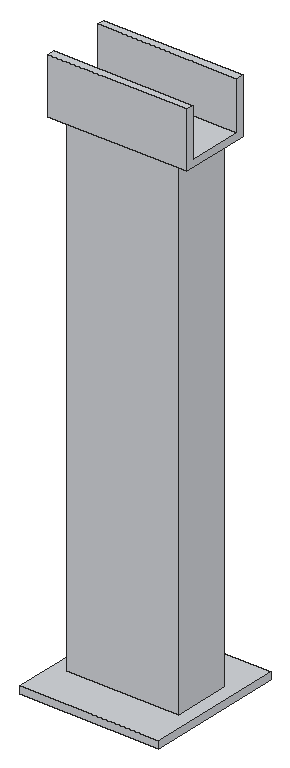
Revit family "RF_Support", category Обобщенные модели, Revit 2026
Family settings
  Может служить основой для арматурных стержней = Нет
  Размер круглого соединителя = Использовать диаметр
  Тип детали = Нормальный
  На основе рабочей плоскости = Нет
  Всегда вертикально = Да
  При загрузке вырезать с полостями = Нет
  Сохранять ориентацию аннотаций = Нет
  Общий = Нет
  Точка принадлежности помещению = Нет
Parameters
  Стойка_ширина = Опора_ширина - 20 mm  # 40 mm
  Стойка_длина = 80 mm
  Отметка по умолчанию = 0 mm
  Опора_ширина = 60 mm
  RF_Support_Height [instance] = 360 mm
  RF_Row [instance] = 0
  RF_Mark [instance] = ""
  RF_Head_Size = 100 mm
  RF_Column [instance] = 0
  RF_Base_Size = 100 mm
Reference planes
  plane 1 "По центру (Вперед/Назад)": y = 0
  plane 2: z = 0
  plane 3 "По центру (Влево/Вправо)": x = 0
  plane 4: x = -50
  plane 5: x = 50
  plane 6: x = -40
  plane 7: x = 40
  plane 8: y = 20
  plane 9: y = -20
  plane 10: y = 50
  plane 11: y = -50
  plane 12: z = 5
  plane 13: z = 400
  plane 14: z = 360
Forms (mm)
  Extrusion 1, solid
    sketch origin (0, 0, 0) x (1, 0, 0) y (0, 1, 0)
      loop
        line (-50, 50) -> (-50, -50) -> (50, -50) -> (50, 50) -> (-50, 50)
    from 0 to 5
  Extrusion 2, solid
    sketch origin (0, 0, 0) x (1, 0, 0) y (0, 1, 0)
      loop
        line (-40, 20) -> (-40, -20) -> (40, -20) -> (40, 20) -> (-40, 20)
    from 5 to 360
  Extrusion 3, solid
    sketch origin (0, 0, 0) x (1, 0, 0) y (0, 1, 0)
      loop
        line (-50, 25) -> (-50, -25) -> (50, -25) -> (50, 25) -> (-50, 25)
    from 360 to 400
  Extrusion 4, void
    sketch origin (0, 0, 0) x (0, 1, 0) y (0, 0, 1)
      loop
        line (20, 400) -> (-20, 400) -> (-20, 365) -> (20, 365) -> (20, 400)
    from -50 to 50
Cuts and joins
  Extrusion 4 cuts Extrusion 3
Dimensions and locks
  equal spacing: plane 10, plane 1 "По центру (Вперед/Назад)", plane 11
  equal spacing: plane 4, plane 3 "По центру (Влево/Вправо)", plane 5
  "RF_Base_Size": plane 4 to plane 5
  "RF_Base_Size": plane 10 to plane 11
  equal spacing: plane 6, plane 3 "По центру (Влево/Вправо)", plane 7
  equal spacing: plane 8, plane 1 "По центру (Вперед/Назад)", plane 9
  "Стойка_ширина": plane 8 to plane 9
  "Стойка_длина": plane 6 to plane 7
  locked: plane 12 to plane 2 at 5
  "RF_Support_Height": plane 14 to plane 2
  locked: plane 13 to plane 14 at 40
  equal spacing: Extrusion 3, plane 1 "По центру (Вперед/Назад)", Extrusion 3
  locked: Extrusion 3 to Extrusion 3 at 50
  locked: Extrusion 4 sketch curve to Extrusion 3 at 5
  aligned and locked: level to plane 2
  aligned and locked: Extrusion 1 sketch curve to plane 10
  aligned and locked: plane 4 to Extrusion 1 sketch curve
  aligned and locked: plane 11 to Extrusion 1 sketch curve
  aligned and locked: Extrusion 1 sketch curve to plane 5
  aligned and locked: plane 12 to Extrusion 1
  aligned and locked: Extrusion 2 sketch curve to plane 8
  aligned and locked: plane 6 to Extrusion 2 sketch curve
  aligned and locked: plane 9 to Extrusion 2 sketch curve
  aligned and locked: Extrusion 2 sketch curve to plane 7
  aligned and locked: Extrusion 2 to plane 12
  aligned and locked: plane 14 to Extrusion 2
  aligned and locked: plane 4 to Extrusion 3 sketch curve
  aligned and locked: Extrusion 3 sketch curve to plane 5
  aligned and locked: plane 13 to Extrusion 3
  aligned and locked: Extrusion 3 to plane 14
  aligned and locked: plane 13 to Extrusion 4 sketch curve
  aligned and locked: plane 8 to Extrusion 4 sketch curve
  aligned and locked: Extrusion 4 sketch curve to plane 9
  aligned and locked: plane 5 to Extrusion 4
  aligned and locked: Extrusion 4 to plane 4
Automatic sketch dimensions
  Extrusion 3 sketch curve to plane 9 = 5 mm
  plane 8 to Extrusion 3 sketch curve = 5 mm
